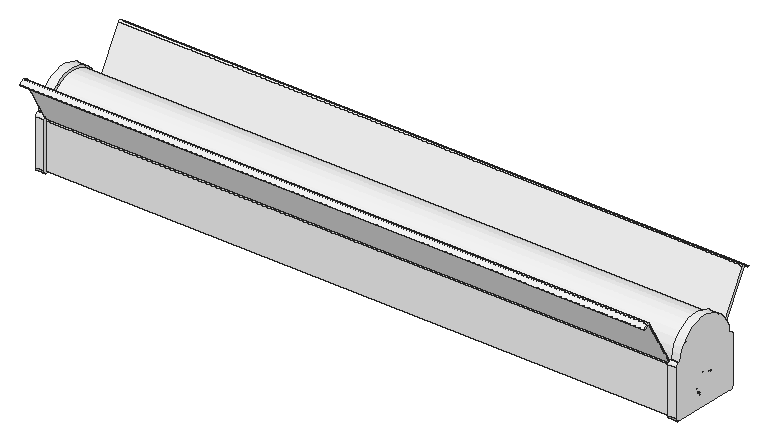
Revit family "0045188+0045231 Feilo Sylvania Lighting Fixture SYLBATTEN LED1 NW DALI TP5 with SYMMETRIC REFLECTOR ACCESSORY 600MM", category Lighting Fixtures, host Face, Revit 2017
Family settings
  Host = Face
  Round Connector Dimension = Use Diameter
  Part Type = Normal
  OmniClass Number = 23.80.70.00
  OmniClass Title = Lighting
  Cut with Voids When Loaded = No
  Light Source = Yes
  Shared = No
  Room Calculation Point = No
Parameters (values of type "0045188 SYLBATTEN LED1 NW DALI TP5")
  Width_FEILO = 66 mm
  Weight = "1.5 kg"
  Wattage Comments = "n/a"
  Wattage = 11 W
  WarrantyStartDate [instance] = "n/a"
  WarrantyGuarantorParts = "n/a"
  WarrantyDurationUnit = "n/a"
  WarrantyDurationParts = "n/a"
  WarrantyDescription = "n/a"
  built-in parameter 1150110 = 1 (stored number, unit not read)
  Voltage = 230 V
  URL = "http://www.sylvania-lighting.com"
  TypeName = "SYLBATTEN LED1 NW DALI TP5"
  Type Image = <None>
  Type Comments = "n/a"
  built-in parameter 1114217 = 1 (stored number, unit not read)
  Tilt Angle = -90.00°
  built-in parameter 1150109 = 1 (stored number, unit not read)
  built-in parameter 1150134 = 12
  SymReflector_FEILO = yes
  built-in parameter 1150113 = 1 (stored number, unit not read)
  SerialNumber [instance] = "n/a"
  PowerFactor = 0
  PowerConsumption = "11 W"
  Photometric Web File = "0045188+0045231.ies"
  NominalLength = 605 mm
  NominalHeight = 76 mm
  NominalDepth = 66 mm
  Name = "SYLBATTEN LED1 NW DALI TP5"
  ModelReference = Name  # "SYLBATTEN LED1 NW DALI TP5"
  ModelNumber = "0045188"
  Model = Name  # "SYLBATTEN LED1 NW DALI TP5"
  Material_4_FEILO = Reflector-Sylvania-Sylbatten-White
  Material_3_FEILO = Diffuser-Sylvania-Sylbatten-Glow
  Material_2_FEILO = Body-Sylvania-Sylbatten-White
  Material_1_FEILO = Body-Sylvania-Sylbatten-White
  Material = "sheet steel housing, polycarbonate diffuser"
  ManufacturerName = "Feilo Sylvania"
  Manufacturer = "Feilo Sylvania"
  LuminousEfficacy = "105.2 lm/W"
  built-in parameter 1150105 = 92.148 (stored number, unit not read)
  Lumens = 1157.97 lm
  LuminaireType = ""
  built-in parameter 1150115 = 1 (stored number, unit not read)
  LightOutputRatio = "100"
  built-in parameter 1150137 = (empty or 0)
  built-in parameter 1150139 = (empty or 0)
  Length_FEILO = 605 mm
  LampsType = Lamp  # "LED"
  LampNominalLuminous = "1158 lm"
  LampMacAdamStep = "n/a"
  LampColourTemperature = "4000 K"
  LampColourRenderingIndex = "80"
  built-in parameter 1150112 = 1 (stored number, unit not read)
  built-in parameter 1150114 = 1 (stored number, unit not read)
  Lamp = "LED"
  Keynote = "16500"
  InstallationDate [instance] = "n/a"
  InputVoltage = "220-240V~"
  InputNominalFrequency = "n/a"
  built-in parameter 1150132 = (empty or 0)
  built-in parameter 1150102 = (empty or 0)
  built-in parameter 1150107 = 4000 (stored number, unit not read)
  built-in parameter 1150138 = (empty or 0)
  IngressProtection = "IP20"
  ImpactProtectionIndex = "IK07"
  built-in parameter 1150106 = 0.92148 (stored number, unit not read)
  IfcExportType = "IfcLightFixtureType"
  IfcExportAs = "IfcLightFixtureType"
  Height_FEILO = 76 mm
  ExpectedLife = 50000
  Emit from Rectangle Width = Length_FEILO - 16 mm  # 589 mm
  Emit from Rectangle Length = Width_FEILO - 40 mm  # 26 mm
  Emit Shape Visible in Rendering = no
  ElectricShockClassification = "Class I"
  built-in parameter 1150104 = 9.7799 (stored number, unit not read)
  DurationUnit = "hours"
  DocumentationLiterature = "http://www.sylvania-lighting.com/product/en-int/products/0045188"
  DimmingControlOptions = "Dimmable"
  Dimming Lamp Color Temperature Shift = <None>
  Description = "LED batten, T8 replacement, ease of installation through 2 part push-in design of the housing (safety cable included), through wiring capability (TP5 = 5 core), sheet steel, 1158LM, 11W, 105lm/W, 4000K, drive current: 350mA, CRI 80, 138° wide beam angle, DALI dimmable, IP20, IK07, 50,000 hrs (L70), (LxWxH) 605x66x76mm, 5 step MacAdam ellipse, 1.8kg, white RAL 9016, Class 1, 220-240V, energy class: A++, A+, A."
  Default Elevation = 1219.2 mm
  CreatedOn = "2/22/2018"
  CreatedBy = ""
  Cost = 0
  Color Filter = 16777215
  built-in parameter 1114216 [instance] = (empty or 0)
  ClassificationValue = "EF_70_80"
  ClassificationName = "Uniclass2015"
  CapOffset_FEILO = 2 mm
  BarCode [instance] = "n/a"
  built-in parameter 1114218 = 1 (stored number, unit not read)
  BackReflector_FEILO = and(not(AsymReflector_FEILO), SymReflector_FEILO)  # yes
  built-in parameter 1150133 = 10 (stored number, unit not read)
  FrontReflector_FEILO = or(AsymReflector_FEILO, SymReflector_FEILO)  # yes
  AsymReflector_FEILO = no
  AssetType = "Fixed"
  AssetIdentifier [instance] = "n/a"
  Assembly Code = "D5020200"
  Apparent Load = 11 VA
Reference planes
  plane 1 "Center (Front/Back)": y = 0
  plane 2: z = 0
  plane 3 "Center (Left/Right)": x = 0
  plane 4: x = 302.5
  plane 5: x = -302.5
  plane 6: y = 33
  plane 7: y = -33
  plane 8: z = 76
  plane 9: z = 47
  plane 10: y = -29
  plane 11: y = 29
  plane 12: z = 20
  plane 13: z = 74
  plane 14: y = -31
  plane 15: y = -27
  plane 16: y = 27
  plane 17: y = 31
  plane 18: z = 2
  plane 19: x = -294.5
  plane 20: x = 294.5
  plane 21: z = 49
  plane 22: y = 1
  plane 23: y = -1
  plane 24: z = 21
  plane 25: z = 19
  plane 26: y = -61
  plane 27: y = 61
  plane 28: y = -56
  plane 29: y = 56
  plane 30: z = 91
  plane 31: z = 88
Forms (mm)
  Extrusion 1, solid, material "Body-Sylvania-Sylbatten-White" <- "Material_2_FEILO"
    sketch origin (0, 0, 0) x (0, 1, 0) y (0, 0, 1)
      loop
        line (-31, 2) -> (31, 2) -> (31, 45)
        arc (31, 45) -> (30.414, 46.414) -> (29, 47) r 2
        line (29, 47) -> (27, 47)
        arc (27, 47) -> (0, 74) -> (-27, 47) r 27
        line (-27, 47) -> (-29, 47)
        arc (-29, 47) -> (-30.414, 46.414) -> (-31, 45) r 2
        line (-31, 45) -> (-31, 2)
    from -294.5 to 294.5
  Extrusion 2, solid, material "Body-Sylvania-Sylbatten-White" <- "Material_2_FEILO"
    sketch origin (302.5, 1524, 1219.2) x (0, 1, 0) y (0, 0, 1)
      loop
        arc (-1494, -1219.2) -> (-1491.879, -1218.321) -> (-1491, -1216.2) r 3
        line (-1491, -1216.2) -> (-1491, -1173.2)
        arc (-1491, -1173.2) -> (-1491.879, -1171.079) -> (-1494, -1170.2) r 3
        line (-1494, -1170.2) -> (-1495.069, -1170.2)
        arc (-1495.069, -1170.2) -> (-1524, -1143.2) -> (-1552.931, -1170.2) r 29
        line (-1552.931, -1170.2) -> (-1554, -1170.2)
        arc (-1554, -1170.2) -> (-1556.121, -1171.079) -> (-1557, -1173.2) r 3
        line (-1557, -1173.2) -> (-1557, -1216.2)
        arc (-1557, -1216.2) -> (-1556.121, -1218.321) -> (-1554, -1219.2) r 3
        line (-1554, -1219.2) -> (-1494, -1219.2)
      loop
        arc (-1525, -1189.25) -> (-1531.071, -1192.129) -> (-1533.95, -1198.2) r 10
        line (-1533.95, -1198.2) -> (-1532.944, -1198.2)
        arc (-1532.944, -1198.2) -> (-1530.364, -1192.836) -> (-1525, -1190.256) r 9
        line (-1525, -1190.256) -> (-1525, -1189.25)
      loop
        arc (-1523, -1190.256) -> (-1517.636, -1192.836) -> (-1515.056, -1198.2) r 9
        line (-1515.056, -1198.2) -> (-1514.05, -1198.2)
        arc (-1514.05, -1198.2) -> (-1516.929, -1192.129) -> (-1523, -1189.25) r 10
        line (-1523, -1189.25) -> (-1523, -1190.256)
      loop
        line (-1532.944, -1200.2) -> (-1533.95, -1200.2)
        arc (-1533.95, -1200.2) -> (-1531.071, -1206.271) -> (-1525, -1209.15) r 10
        line (-1525, -1209.15) -> (-1525, -1208.144)
        arc (-1525, -1208.144) -> (-1530.364, -1205.564) -> (-1532.944, -1200.2) r 9
      loop
        arc (-1515.056, -1200.2) -> (-1517.636, -1205.564) -> (-1523, -1208.144) r 9
        line (-1523, -1208.144) -> (-1523, -1209.15)
        arc (-1523, -1209.15) -> (-1516.929, -1206.271) -> (-1514.05, -1200.2) r 10
        line (-1514.05, -1200.2) -> (-1515.056, -1200.2)
    from 0 to -8
  Extrusion 3, solid, material "Body-Sylvania-Sylbatten-White" <- "Material_2_FEILO"
    sketch origin (-302.5, 1524, 1219.2) x (0, 1, 0) y (0, 0, 1)
      loop
        arc (-1495.069, -1170.2) -> (-1524, -1143.2) -> (-1552.931, -1170.2) r 29
        line (-1552.931, -1170.2) -> (-1554, -1170.2)
        arc (-1554, -1170.2) -> (-1556.121, -1171.079) -> (-1557, -1173.2) r 3
        line (-1557, -1173.2) -> (-1557, -1216.2)
        arc (-1557, -1216.2) -> (-1556.121, -1218.321) -> (-1554, -1219.2) r 3
        line (-1554, -1219.2) -> (-1494, -1219.2)
        arc (-1494, -1219.2) -> (-1491.879, -1218.321) -> (-1491, -1216.2) r 3
        line (-1491, -1216.2) -> (-1491, -1173.2)
        arc (-1491, -1173.2) -> (-1491.879, -1171.079) -> (-1494, -1170.2) r 3
        line (-1494, -1170.2) -> (-1495.069, -1170.2)
      loop
        line (-1533.95, -1198.2) -> (-1532.944, -1198.2)
        arc (-1532.944, -1198.2) -> (-1530.364, -1192.836) -> (-1525, -1190.256) r 9
        line (-1525, -1190.256) -> (-1525, -1189.25)
        arc (-1525, -1189.25) -> (-1531.071, -1192.129) -> (-1533.95, -1198.2) r 10
      loop
        line (-1523, -1189.25) -> (-1523, -1190.256)
        arc (-1523, -1190.256) -> (-1517.636, -1192.836) -> (-1515.056, -1198.2) r 9
        line (-1515.056, -1198.2) -> (-1514.05, -1198.2)
        arc (-1514.05, -1198.2) -> (-1516.929, -1192.129) -> (-1523, -1189.25) r 10
      loop
        line (-1514.05, -1200.2) -> (-1515.056, -1200.2)
        arc (-1515.056, -1200.2) -> (-1517.636, -1205.564) -> (-1523, -1208.144) r 9
        line (-1523, -1208.144) -> (-1523, -1209.15)
        arc (-1523, -1209.15) -> (-1516.929, -1206.271) -> (-1514.05, -1200.2) r 10
      loop
        line (-1525, -1209.15) -> (-1525, -1208.144)
        arc (-1525, -1208.144) -> (-1530.364, -1205.564) -> (-1532.944, -1200.2) r 9
        line (-1532.944, -1200.2) -> (-1533.95, -1200.2)
        arc (-1533.95, -1200.2) -> (-1531.071, -1206.271) -> (-1525, -1209.15) r 10
    from 0 to 8
  Extrusion 4, solid, material "Reflector-Sylvania-Sylbatten-White" <- "Material_4_FEILO", visible <- "FrontReflector_FEILO"
    sketch origin (0, 0, 0) x (0, 1, 0) y (0, 0, 1)
      loop
        line (-61.257, 88.429) -> (-60.743, 87.571) -> (-56.621, 90.044)
        arc (-56.621, 90.044) -> (-56.237, 90.099) -> (-55.929, 89.863) r 0.5
        line (-55.929, 89.863) -> (-31.435, 46.753) -> (-30.565, 47.247) -> (-55.312, 90.802)
        arc (-55.312, 90.802) -> (-55.928, 91.275) -> (-56.696, 91.165) r 1
        line (-56.696, 91.165) -> (-61.257, 88.429)
    from -294.5 to 294.5
  Extrusion 5, solid, material "Reflector-Sylvania-Sylbatten-White" <- "Material_4_FEILO", visible <- "BackReflector_FEILO"
    sketch origin (0, 0, 0) x (0, 1, 0) y (0, 0, 1)
      loop
        line (30.565, 47.247) -> (31.435, 46.753) -> (55.932, 89.868)
        arc (55.932, 89.868) -> (56.245, 90.112) -> (56.638, 90.062) r 0.518
        line (56.638, 90.062) -> (61.033, 87.565) -> (61.527, 88.435) -> (56.682, 91.188)
        arc (56.682, 91.188) -> (55.922, 91.282) -> (55.318, 90.812) r 1
        line (55.318, 90.812) -> (30.565, 47.247)
    from -294.5 to 294.5
Lines and regions (mm)
  reference lines
    curve 1: line (0, -61, 88) -> (0, -56, 91)
    curve 2: line (0, -56, 91) -> (0, -31, 47)
    curve 3: line (0, 31, 47) -> (0, 56, 91)
    curve 4: line (0, 56, 91) -> (0, 61.28, 88)
Dimensions and locks
  equal spacing: plane 5, plane 3 "Center (Left/Right)", plane 4
  equal spacing: plane 7, plane 1 "Center (Front/Back)", plane 6
  "Width_FEILO": plane 7 to plane 6
  "Length_FEILO": plane 5 to plane 4
  "Height_FEILO": plane 8 to plane 2
  locked: plane 9 to plane 8 at 29
  equal spacing: plane 10, plane 1 "Center (Front/Back)", plane 11
  locked: plane 7 to plane 10 at 4
  locked: plane 12 to plane 2 at 20
  "CapOffset_FEILO": plane 13 to plane 8
  "CapOffset_FEILO": plane 7 to plane 14
  "CapOffset_FEILO": plane 10 to plane 15
  "CapOffset_FEILO": plane 17 to plane 6
  "CapOffset_FEILO": plane 16 to plane 11
  "CapOffset_FEILO": plane 18 to plane 2
  locked: plane 14 to Extrusion 1 sketch curve at 2
  locked: Extrusion 1 sketch curve to plane 9 at 2  (x2)
  locked: plane 16 to Extrusion 1 sketch curve at 2
  equal spacing: plane 19, plane 3 "Center (Left/Right)", plane 20
  locked: plane 5 to plane 19 at 8
  "CapOffset_FEILO": plane 9 to plane 21
  locked: Extrusion 2 sketch curve to plane 2 at 47
  locked: Extrusion 1 sketch curve to plane 2 at 47
  locked: Extrusion 2 sketch curve to plane 2 at 3  (x2)
  locked: plane 7 to Extrusion 2 sketch curve at 3  (x2)
  locked: Extrusion 2 sketch curve to plane 6 at 3  (x2)
  locked: Extrusion 2 sketch curve to plane 21 at 3  (x2)
  equal spacing: plane 23, plane 1 "Center (Front/Back)", plane 22
  equal spacing: plane 25, plane 12, plane 24
  plane 30 to plane 31 to plane 2 = 3 mm locked, 88 mm locked
  plane 28 to plane 29 = 112 mm
  plane 26 to plane 27 = 122 mm
  aligned and locked: plane 2 to host face
  aligned and locked: level to host face
  aligned and locked: plane 18 to Extrusion 1 sketch curve
  aligned and locked: plane 14 to Extrusion 1 sketch curve
  aligned and locked: Extrusion 1 sketch curve to plane 9  (x2)
  aligned and locked: Extrusion 1 sketch curve to plane 17
  aligned and locked: plane 15 to Extrusion 1 sketch curve
  aligned and locked: plane 16 to Extrusion 1 sketch curve
  aligned and locked: plane 9 to Extrusion 1 sketch curve
  aligned and locked: plane 20 to Extrusion 1
  aligned and locked: level to Extrusion 2 sketch curve
  aligned and locked: Extrusion 2 sketch curve to plane 7
  aligned and locked: plane 21 to Extrusion 2 sketch curve
  aligned and locked: Extrusion 2 sketch curve to plane 21
  aligned and locked: plane 1 "Center (Front/Back)" to Extrusion 2 sketch curve  (x3)
  aligned and locked: Extrusion 2 to Extrusion 1
  aligned and locked: plane 4 to Extrusion 2
  aligned and locked: plane 12 to Extrusion 2 sketch curve  (x2)
  aligned and locked: Extrusion 2 sketch curve to plane 22
  aligned and locked: Extrusion 2 sketch curve to plane 23
  aligned and locked: Extrusion 2 sketch curve to plane 24
  aligned and locked: Extrusion 2 sketch curve to plane 25
  aligned and locked: plane 25 to Extrusion 2 sketch curve
  aligned and locked: plane 22 to Extrusion 2 sketch curve
  aligned and locked: plane 24 to Extrusion 2 sketch curve
  aligned and locked: plane 23 to Extrusion 2 sketch curve  (x2)
  aligned and locked: Extrusion 3 sketch curve to Extrusion 2  (x22)
  aligned and locked: Extrusion 3 to Extrusion 1
  aligned and locked: Extrusion 3 to plane 5
  aligned and locked: plane 19 to Extrusion 3
  aligned and locked: plane 31 to curve 1
  aligned and locked: plane 30 to curve 1
  aligned and locked: plane 14 to curve 2
  aligned and locked: plane 9 to curve 2
  aligned and locked: plane 17 to curve 3
  aligned and locked: plane 30 to curve 3
  aligned and locked: plane 31 to curve 4
  aligned and locked: Extrusion 4 sketch curve to curve 2
  aligned and locked: Extrusion 4 sketch curve to curve 1
  aligned and locked: Extrusion 4 to Extrusion 1
  aligned and locked: Extrusion 1 to Extrusion 4
  aligned and locked: imposter light to plane 1 "Center (Front/Back)"
  aligned and locked: imposter light to plane 3 "Center (Left/Right)"
  aligned and locked: imposter light to plane 13
  aligned and locked: Extrusion 5 sketch curve to curve 4
  aligned and locked: Extrusion 5 sketch curve to curve 3
  aligned and locked: Extrusion 1 to Extrusion 5
  aligned and locked: Extrusion 5 to Extrusion 1
Automatic sketch dimensions
  host sketch curve to host sketch curve = 2438.4 mm  (x2)
  Extrusion 2 sketch curve to Extrusion 2 sketch curve = 0 mm  (x14)
  Extrusion 2 sketch curve to plane 10 = 0.069 mm
  plane 23 to Extrusion 2 sketch curve = 8.95 mm
  Extrusion 2 sketch curve to Extrusion 2 sketch curve = 1.006 mm  (x4)
  Extrusion 2 sketch curve to plane 22 = 7.944 mm
  curve 1 to plane 26 = 0 mm
  curve 2 to plane 28 = 0 mm
  curve 4 to plane 29 = 0 mm
  plane 9 to curve 3 = 0 mm
  plane 26 to Extrusion 4 sketch curve = 0.257 mm
  Extrusion 4 sketch curve to plane 26 = 0.257 mm
  Extrusion 4 sketch curve to plane 30 = 0.165 mm
  plane 28 to Extrusion 4 sketch curve = 0.696 mm
  plane 28 to Extrusion 4 sketch curve = 0.621 mm
  plane 28 to Extrusion 4 sketch curve = 0.364 mm
  plane 28 to Extrusion 4 sketch curve = 0.182 mm
  Extrusion 4 sketch curve to plane 28 = 0.071 mm
  plane 30 to Extrusion 4 sketch curve = 0.198 mm
  Extrusion 4 sketch curve to plane 28 = 0.688 mm
  plane 9 to Extrusion 4 sketch curve = 0.247 mm
  plane 1 "Center (Front/Back)" to Extrusion 4 sketch curve = 31.435 mm
  Extrusion 5 sketch curve to plane 9 = 0.247 mm
  Extrusion 5 sketch curve to plane 1 "Center (Front/Back)" = 30.565 mm
  plane 9 to Extrusion 5 sketch curve = 0.247 mm
  plane 30 to Extrusion 5 sketch curve = 0.188 mm
  plane 29 to Extrusion 5 sketch curve = 0.068 mm
  Extrusion 5 sketch curve to plane 29 = 0.188 mm
  Extrusion 5 sketch curve to plane 29 = 0.382 mm
  Extrusion 5 sketch curve to Extrusion 5 sketch curve = 0.256 mm
  Extrusion 5 sketch curve to plane 30 = 0.188 mm
  Extrusion 5 sketch curve to plane 29 = 0.682 mm
  Extrusion 5 sketch curve to plane 27 = 0.033 mm
  Extrusion 5 sketch curve to plane 27 = 0.527 mm
Connectors
  electrical at (0, 0, 0), driven by "Apparent Load", driven by "PowerFactor", driven by "Voltage"
    settings: index 1, voltage 230 V, apparent load 11 VA, apparent load phase1 0 VA, apparent load phase2 0 VA, apparent load phase3 0 VA, power factor 0, load classification "Lighting", number of poles 1, system type 30, power factor state 1, is connector primary yes, connector utility no, sub classification motor no, connector description ""
